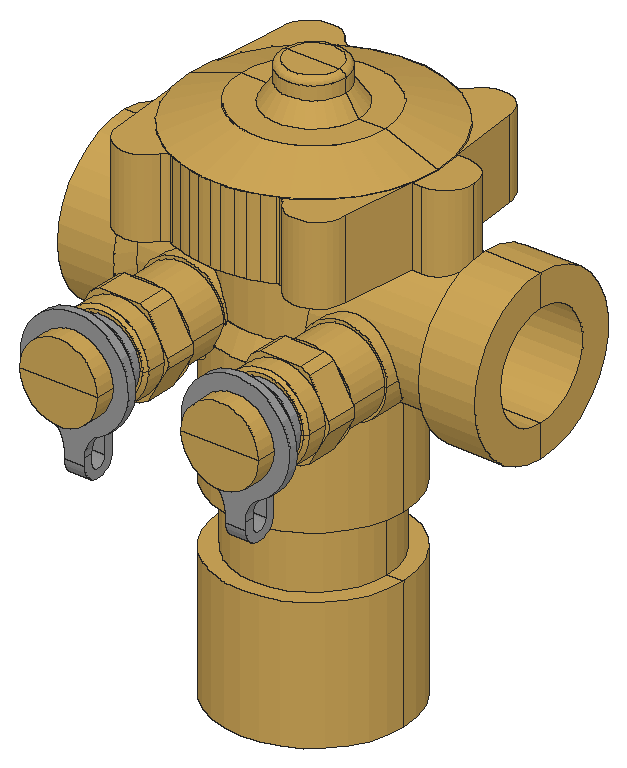
Revit family "Pressure independent control valve 4206_M_SMART_LF_MF", category Rohrzubehör, Revit 2018
Family settings
  Bemaßung runder Anschluss = Durchmesser verwenden
  Teiletyp = Unterbricht
  OmniClass-Nummer = 23.65.55.14
  OmniClass-Titel = Valves for Liquid Services
  Arbeitsebenenbasiert = Nein
  Immer vertikal = Ja
  Beim Laden mit Abzugskörper schneiden = Nein
  Gemeinsam genutzt = Nein
Parameters (values of type "LF")
  min. Operating temperature (pure water) = 2 °C  # constant formula
  min. Operating temperature (frost protection) = -20 °C  # constant formula
  max. Operating temperature up to DN32 = 130 °C  # constant formula
  max. Operating temperature from DN40 = 110 °C  # constant formula
  max. Operating pressure = 1600000.0 Pa  # constant formula
  Medium = "water purity in accordance with the ÖNORM H5195 and VDI2035 standards\r\nthe use of ethylene and propylene glycol in a mixture ratio of 25 - 50% by volume [%] is permitted."
  URL = "http://www.herzvalves.com/"
  Pin = "stainless steel 14301"  # constant formula
  SCRNSEQ = "ARM;ARM_TYP=\"DURR\";2"
  SCRNCODE = "05;04;02"  # constant formula
  S04 [instance] = R01 * 2  # 30.00 mm
  S01 [instance] = L01 + L02  # 75.00 mm
  R02 [instance] = size_lookup("4206M_LF_MF_S", "R2", 9.32 mm, Nennweite)  # 9.316 mm
  R01 [instance] = size_lookup("4206M_LF_MF_S", "R1", 15.00 mm, Nennweite)  # 15.00 mm
  PN = 25  # constant formula
  O-Rings = "EPDM"  # constant formula
  Membrane housing = "brass CW602N"  # constant formula
  Membrane = "EPDM"  # constant formula
  MF [instance] = no
  Lift = 4.00 mm  # constant formula
  LF [instance] = yes
  L14 = 43.48 mm  # constant formula
  L13 = 32.23 mm  # constant formula
  L06 = 3.44 mm  # constant formula
  Capillary pipe = "copper Cu-DHP (CW024A)"  # constant formula
  Hersteller = "Herz-Armaturen GmbH"  # constant formula
  H10 = 22.33 mm  # constant formula
  Housing = "DZR brass CC770S"  # constant formula
  Spring = "spring steel"  # constant formula
  Bestellnummer [instance] = if(and(LF, Nennweite = 15.00 mm), 1420620, if(and(MF, Nennweite = 15.00 mm), 1420629, 0))  # 1420620
  Protective cap = "plastic"  # constant formula
  B15 = 23.00 mm  # constant formula
  B14 = 8.73 mm  # constant formula
  B13 = 40.79 mm  # constant formula
  B12 = 36.73 mm  # constant formula
  B11 = 34.69 mm  # constant formula
  B10 = 31.75 mm  # constant formula
  B09 [instance] = size_lookup("4206M_LF_MF_S", "B9", 3.30 mm, Nennweite)  # 3.30 mm
  Nennweite [instance] = 15.00 mm
  L05 = 3.44 mm  # constant formula
  L04 [instance] = size_lookup("4206M_LF_MF_S", "L4", 12.00 mm, Nennweite)  # 12.00 mm
  L03 [instance] = size_lookup("4206M_LF_MF_S", "L3", 10.00 mm, Nennweite)  # 10.00 mm
  L02 = 34.00 mm  # constant formula
  L01 = 41.00 mm  # constant formula
  H09 = 1.08 mm  # constant formula
  H08 = 4.24 mm  # constant formula
  H07 = 28.19 mm  # constant formula
  H06 = 24.02 mm  # constant formula
  H05 = 10.06 mm  # constant formula
  H04 = 6.74 mm  # constant formula
  H03 = 3.46 mm  # constant formula
  H02 [instance] = size_lookup("4206M_LF_MF_S", "H2", 65.00 mm, Nennweite)  # 67.00 mm
  H01 = 35.00 mm  # constant formula
  B08 = 23.05 mm  # constant formula
  B07 [instance] = size_lookup("4206M_LF_MF_S", "B7", 16.50 mm, Nennweite)  # 16.50 mm
  B06 = 5.86 mm  # constant formula
  B05 = 3.70 mm  # constant formula
  B04 = 6.75 mm  # constant formula
  B03 = 7.93 mm  # constant formula
  B02 [instance] = size_lookup("4206M_LF_MF_S", "B2", 12.50 mm, Nennweite)  # 12.50 mm
  B01 = 41.62 mm  # constant formula
  Application = "the Pressure Independent Balancing Control Valve (PIBCV) is used in all heating and cooling systems with circulation pumps.\r\nthe valve automatically maintains flow to the required part of the system at the set rate by measuring and immediately adjusting to any variation in pressure.\r\nno additional measurements are necessary and the correct flow rate is achieved at all operating conditions.\r\nthe diaphragm responds to the pressure upstream and downstream of the regulating valve (via an internal impulse line).\r\nthe valve settings directly affect the volumetric flow through the valve.\r\nit is thus possible to set the maximum flow rate based on the flow chart when the valve is fitted.\r\nthis allows for the balancing of heating circuits, cooling water systems, ceiling cooling and heating panels, air heaters, etc. without any need to first assess the pressure variations in the system.\r\nthe valve‘s principal application is as a control valve for terminal units."
Types (3, lengths in mm): name | URL | MF | LF | Bestellnummer
  (no name) | "http://www.herzvalves.com/" | no | yes | 1420620
  LF | "http://www.herzvalves.com/" | no | yes | 1420620
  MF | "http://www.herzvalves.com/\r\nhttp://www.herzvalves.com/\r\nhttp://www.herzvalves.com/" | yes | no | 1420629
Reference planes
  plane 1 "Mitte (Vorne/hinten)": y = 0
  plane 2: z = 0
  plane 3 "Mitte (Links/rechts)": x = 0
Forms (mm)
  Revolve 1, solid, material "Messing, weicher Gelbton, geschweißt", detail levels fine
    sketch origin (0, 0, 0) x (1, 0, 0) y (0, 0, 1)
      loop
        line (0, -67) -> (16.292, -67) -> (16.292, -43.48) -> (13.292, -43.48) -> (13.292, -32.23) -> (16.292, -32.23) -> (16.292, -6.498) -> (14.505, -2.652) -> (14.505, 6.81) -> (22.33, 10.98) -> (22.33, 24.94) -> (12.949, 28.26) -> (8.129, 28.26) -> (5.75, 31.54) -> (5.75, 33.92)
        arc (5.75, 33.92) -> (5.434, 34.684) -> (4.67, 35) r 1.08
        line (4.67, 35) -> (0, 35) -> (0, -67)
      axis (0, 35) -> (0, -67)
    angle from 0 to 360
  Revolve 2, solid, material "Messing, weicher Gelbton, geschweißt", detail levels fine
    sketch origin (0, 0, -3.3) x (1, 0, 0) y (0, 1, 0)
      loop
        line (-20.43, -13.942) -> (-12.5, -13.942) -> (-12.5, -8.046) -> (-20.43, -8.046) -> (-20.43, -13.942)
      axis (-12.5, -8.046) -> (-12.5, -13.942)
    angle from 0 to 360
  Revolve 3, solid, material "Messing, weicher Gelbton, geschweißt", detail levels fine
    sketch origin (0, 0, 0) x (-1, 0, 0) y (0, 0, 1)
      loop
        line (34, 9.316) -> (34, 15) -> (24, 15) -> (22.317, 12) -> (-29.317, 12) -> (-31, 15) -> (-41, 15) -> (-41, 9.315) -> (-27.815, 9.315) -> (-27.815, 0) -> (20.815, 0) -> (20.815, 9.315) -> (34, 9.316)
      axis (-41, 0) -> (34, 0)
    angle from 0 to 360
  Extrusion 4, solid, material "Messing, weicher Gelbton, geschweißt", detail levels fine
    sketch origin (0, 0, 25.912) x (-1, 0, 0) y (0, -1, 0)
      loop
        arc (-20.427, -18.385) -> (-16.688, -23.223) -> (-11.063, -20.825) r 5
        arc (-11.063, -20.825) -> (-10.486, -20.308) -> (-9.758, -20.047) r 2.018
        arc (-9.758, -20.047) -> (0, -22.329) -> (9.758, -20.047) r 22
        arc (9.758, -20.047) -> (10.486, -20.308) -> (11.063, -20.825) r 2.018
        arc (11.063, -20.825) -> (16.688, -23.223) -> (20.427, -18.385) r 5
        arc (20.427, -18.385) -> (22, 0) -> (20.427, 18.385) r 108.221
        arc (20.427, 18.385) -> (16.688, 23.223) -> (11.063, 20.825) r 5
        arc (11.063, 20.825) -> (10.486, 20.308) -> (9.758, 20.047) r 2.018
        arc (9.758, 20.047) -> (0, 22.329) -> (-9.758, 20.047) r 22
        arc (-9.758, 20.047) -> (-10.486, 20.308) -> (-11.063, 20.825) r 2.018
        arc (-11.063, 20.825) -> (-16.688, 23.223) -> (-20.427, 18.385) r 5
        arc (-20.427, 18.385) -> (-21.356, 11.79) -> (-21.877, 5.15) r 108.221
        line (-21.877, 5.15) -> (-23.7, 5.15)
        arc (-23.7, 5.15) -> (-27.342, 3.642) -> (-28.85, 0) r 5.15
        arc (-28.85, 0) -> (-27.342, -3.642) -> (-23.7, -5.15) r 5.15
        line (-23.7, -5.15) -> (-21.877, -5.15)
        arc (-21.877, -5.15) -> (-21.356, -11.79) -> (-20.427, -18.385) r 108.221
    from -14.932 to -0.972
  Revolve 5, solid, material "Messing, weicher Gelbton, geschweißt", detail levels fine
    sketch origin (0, 0, -3.3) x (-1, 0, 0) y (0, -1, 0)
      loop
        line (-24.43, 13.942) -> (-24.43, 8.046) -> (-16.5, 8.046) -> (-16.5, 13.942) -> (-24.43, 13.942)
      axis (-16.5, 8.046) -> (-16.5, 13.942)
    angle from 0 to 360
Lines and regions (mm)
  model lines, detail levels coarse+medium
    curve 1: line (37.5, -15, 0) -> (37.5, 15, 0)
    curve 2: line (37.5, 15, 0) -> (-37.5, -15, 0)
    curve 3: line (-37.5, -15, 0) -> (-37.5, 15, 0)
    curve 4: line (-37.5, 15, 0) -> (37.5, -15, 0)
    curve 5: line (-37.5, 14.673, 0) -> (0, -6.74, 0)
    curve 6: line (0, -6.74, 0) -> (37.5, 14.673, 0)
    curve 7: line (0, -6.74, 0) -> (0, -24.94, 0)
    curve 8: spline (-22.33, -29.97, 0) -> (-21.569, -28.668, 0) -> (-19.338, -27.455, 0) -> (-15.79, -26.413, 0) -> (-11.165, -25.614, 0) -> (-5.779, -25.111, 0) -> (0, -24.94, 0) -> (5.779, -25.111, 0) -> (11.165, -25.614, 0) -> (15.79, -26.413, 0) -> (19.338, -27.455, 0) -> (21.569, -28.668, 0) -> (22.33, -29.97, 0) -> (21.569, -31.272, 0) -> (19.338, -32.485, 0) -> (15.79, -33.527, 0) -> (11.165, -34.326, 0) -> (5.779, -34.829, 0) -> (0, -35, 0) -> (-5.779, -34.829, 0) -> (-11.165, -34.326, 0) -> (-15.79, -33.527, 0) -> (-19.338, -32.485, 0) -> (-21.569, -31.272, 0) -> (-22.33, -29.97, 0)
    curve 9: line (-37.5, 0, 15) -> (-37.5, 0, -15)
    curve 10: line (-37.5, 0, -15) -> (37.5, 0, 15)
    curve 11: line (37.5, 0, 15) -> (37.5, 0, -15)
    curve 12: line (37.5, 0, -15) -> (-37.5, 0, 15)
    curve 13: line (37.5, 0, -15) -> (0, 0, 6.74)
    curve 14: line (0, 0, 6.74) -> (-37.5, 0, -15)
    curve 15: line (0, 0, 6.74) -> (0, 0, 24.94)
    curve 16: spline (-22.33, 0, 29.97) -> (-21.569, 0, 31.272) -> (-19.338, 0, 32.485) -> (-15.79, 0, 33.527) -> (-11.165, 0, 34.326) -> (-5.779, 0, 34.829) -> (0, 0, 35) -> (5.779, 0, 34.829) -> (11.165, 0, 34.326) -> (15.79, 0, 33.527) -> (19.338, 0, 32.485) -> (21.569, 0, 31.272) -> (22.33, 0, 29.97) -> (21.569, 0, 28.668) -> (19.338, 0, 27.455) -> (15.79, 0, 26.413) -> (11.165, 0, 25.614) -> (5.779, 0, 25.111) -> (0, 0, 24.94) -> (-5.779, 0, 25.111) -> (-11.165, 0, 25.614) -> (-15.79, 0, 26.413) -> (-19.338, 0, 27.455) -> (-21.569, 0, 28.668) -> (-22.33, 0, 29.97)
Dimensions and locks
  "H01": Revolve 1 sketch curve to plane 2
  "H02": plane 2 to Revolve 1 sketch curve
  "H03": Revolve 1 sketch curve to Revolve 1 sketch curve
  "H04": Revolve 1 sketch curve to Revolve 1 sketch curve
  "H05": Revolve 1 sketch curve to Revolve 1 sketch curve
  "H06": Revolve 1 sketch curve to Revolve 1 sketch curve
  "H07": Revolve 1 sketch curve to Revolve 1 sketch curve
  "H08": Revolve 1 sketch curve to Revolve 1 sketch curve
  "B03": Revolve 2 sketch curve to Revolve 2 sketch curve
  "L02": plane 3 "Mitte (Links/rechts)" to Revolve 3 sketch curve
  "L01": Revolve 3 sketch curve to plane 3 "Mitte (Links/rechts)"
  "B03": Revolve 5 sketch curve to Revolve 5 sketch curve
  "L03": Revolve 3 sketch curve to Revolve 3 sketch curve  (x2)
  "L04": Revolve 3 sketch curve to plane 2
  "L05": Revolve 3 sketch curve to Revolve 3 sketch curve
  "R01": Revolve 3 sketch curve to plane 2  (x2)
  "R02": Revolve 3 sketch curve to plane 2  (x2)
  "B02": Revolve 2 sketch curve to plane 3 "Mitte (Links/rechts)"
  "B07": plane 3 "Mitte (Links/rechts)" to Revolve 5 sketch curve
  "L06": Revolve 3 sketch curve to Revolve 3 sketch curve
  "S01": curve 3 to curve 1
  equal spacing: curve 3, plane 3 "Mitte (Links/rechts)", curve 1
  "S04": curve 4 to curve 3
  "S04": curve 2 to curve 4
  equal spacing: curve 3, plane 1 "Mitte (Vorne/hinten)", curve 4
  equal spacing: curve 4, plane 1 "Mitte (Vorne/hinten)", curve 2
  "H10": plane 3 "Mitte (Links/rechts)" to Revolve 1 sketch curve
  "H10": curve 8 to plane 3 "Mitte (Links/rechts)" to curve 8
  "H05": curve 8 to curve 8
  "H01": curve 8 to plane 1 "Mitte (Vorne/hinten)"
  "H04": curve 7 to plane 1 "Mitte (Vorne/hinten)"
  "S01": curve 9 to curve 11
  "S04": curve 12 to curve 14
  "S04": curve 11 to curve 13
  equal spacing: curve 9, plane 3 "Mitte (Links/rechts)", curve 11
  "H04": curve 15 to plane 2
  "H10": curve 16 to plane 3 "Mitte (Links/rechts)" to curve 16
  "H05": curve 16 to curve 16
  "H01": curve 16 to level
  "L13": plane 2 to Revolve 1 sketch curve
  "L14": plane 2 to Revolve 1 sketch curve
  "B09": plane 2 to Revolve 2
  "B09": plane 2 to Revolve 5
  "B09": plane 2 to nested 3
  "B09": plane 2 to nested 2
  "B01": nested 3 to plane 1 "Mitte (Vorne/hinten)"
  "B01": nested 2 to plane 1 "Mitte (Vorne/hinten)"
  "H09": radius of Revolve 1 sketch curve
  aligned and locked: level to plane 2
  aligned and locked: Extrusion 4 to Revolve 1
  aligned and locked: Revolve 1 to Extrusion 4
Automatic sketch dimensions
  Extrusion 4 sketch curve to Extrusion 4 sketch curve = 0.00 mm  (x5)
  plane 1 "Mitte (Vorne/hinten)" to Extrusion 4 sketch curve = 0.00 mm  (x3)
  Extrusion 4 sketch curve to plane 3 "Mitte (Links/rechts)" = 0.00 mm  (x2)
  plane 3 "Mitte (Links/rechts)" to Extrusion 4 sketch curve = 9.452 mm  (x2)
  Extrusion 4 sketch curve to Extrusion 4 sketch curve = 5.975 mm  (x4)
  Extrusion 4 sketch curve to plane 1 "Mitte (Vorne/hinten)" = 5.15 mm
  Extrusion 4 sketch curve to Extrusion 4 sketch curve = 6.45 mm
  Extrusion 4 sketch curve to Extrusion 4 sketch curve = 1.823 mm
  Extrusion 4 sketch curve to Extrusion 4 sketch curve = 57.371 mm
  Extrusion 4 sketch curve to plane 3 "Mitte (Links/rechts)" = 9.452 mm  (x2)
  Extrusion 4 sketch curve to Extrusion 4 sketch curve = 70.794 mm
  Extrusion 4 sketch curve to Extrusion 4 sketch curve = 13.235 mm  (x2)
  Extrusion 4 sketch curve to plane 1 "Mitte (Vorne/hinten)" = 18.385 mm
  Extrusion 4 sketch curve to Extrusion 4 sketch curve = 3.657 mm  (x4)
  plane 1 "Mitte (Vorne/hinten)" to Extrusion 4 sketch curve = 0.329 mm
  plane 1 "Mitte (Vorne/hinten)" to Extrusion 4 sketch curve = 18.385 mm
  Extrusion 4 sketch curve to Extrusion 4 sketch curve = 0.306 mm  (x3)
  Extrusion 4 sketch curve to Extrusion 4 sketch curve = 1.305 mm  (x3)
  Extrusion 4 sketch curve to Extrusion 4 sketch curve = 5.00 mm
  Extrusion 4 sketch curve to plane 1 "Mitte (Vorne/hinten)" = 0.329 mm
  Extrusion 4 sketch curve to Extrusion 4 sketch curve = 1.611 mm
  curve 6 to plane 3 "Mitte (Links/rechts)" = 0.00 mm
  curve 6 to curve 1 = 0.327 mm
  curve 5 to curve 3 = 0.327 mm
  Revolve 1 sketch curve to plane 3 "Mitte (Links/rechts)" = 0.00 mm  (x2)
  plane 3 "Mitte (Links/rechts)" to Revolve 1 sketch curve = 4.67 mm
  Revolve 1 sketch curve to Revolve 1 sketch curve = 2.379 mm
  Revolve 1 sketch curve to Revolve 1 sketch curve = 4.82 mm
  plane 3 "Mitte (Links/rechts)" to Revolve 1 sketch curve = 13.292 mm
  Revolve 1 sketch curve to level = 2.652 mm
  plane 3 "Mitte (Links/rechts)" to Revolve 1 sketch curve = 14.505 mm
  Revolve 1 sketch curve to Revolve 1 sketch curve = 3.00 mm  (x2)
  Revolve 1 sketch curve to Revolve 1 sketch curve = 292.892 mm
  Revolve 1 sketch curve to Revolve 1 sketch curve = 2176.299 mm
  plane 1 "Mitte (Vorne/hinten)" to Revolve 2 sketch curve = 13.942 mm
  Revolve 2 sketch curve to Revolve 2 sketch curve = 5.896 mm
  Revolve 2 sketch curve to Revolve 2 sketch curve = 0.00 mm  (x2)
  Revolve 2 sketch curve to Revolve 2 sketch curve = 27.678 mm
  Revolve 3 sketch curve to level = 0.00 mm  (x2)
  Revolve 3 sketch curve to Revolve 3 sketch curve = 1.501 mm  (x2)
  Revolve 3 sketch curve to Revolve 3 sketch curve = 1315.107 mm
  Revolve 3 sketch curve to Revolve 3 sketch curve = 1862.053 mm
  plane 1 "Mitte (Vorne/hinten)" to Revolve 5 sketch curve = 8.046 mm
  Revolve 5 sketch curve to Revolve 5 sketch curve = 5.896 mm
  Revolve 5 sketch curve to Revolve 5 sketch curve = 0.00 mm  (x2)
  Revolve 5 sketch curve to Revolve 5 sketch curve = 27.678 mm
  curve 14 to plane 3 "Mitte (Links/rechts)" = 0.00 mm
  curve 11 to level = 15.00 mm
  curve 14 to level = 15.00 mm
Nested families
  nested 1: "Herz-Logo-vorne" at (0, -16.164, -15) x (0, 1, 0) z (0, 0, 1), type "Herz-Logo-vorne", detail levels fine
  nested 2: "Messstutzen_Band_Eintritt" at (16.5, -4.942, -3.3), type "Messstutzen_Band_Eintritt"
    with Schutzkappe yes, Nennweite 0.00 mm, Gewicht 0.00 kg, Bestellnummer 0
  nested 3: "Messstutzen_Band_Austritt" at (-12.5, -4.942, -3.3), type "Messstutzen_Band_Austritt"
    with Schutzkappe yes, Nennweite 0.00 mm, Gewicht 0.00 kg, Bestellnummer 0
Connectors
  piping at (-20.815, 0, 0), diameter 15, driven by "Nennweite"
    settings: on Revolve 3, index 1, connector inside diameter 609.6 mm, connector length 0.00 mm, flow factor 0, pipe flow 0.0 L/s, pressure drop 0.0 Pa, fitting loss kfactor 0, connector angle 0.00°, fixture units 0, engagement length 0.00 mm, angle of deflection 0.00°, flow configuration 0, flow direction 2, fitting loss method 0, system type 29, joint type 0, gender type 0, connector reference index -1, connector utility 0, adjustable connector no, is connector primary yes, connector description ""
  piping at (27.815, 0, 0), diameter 15, driven by "Nennweite"
    settings: on Revolve 3, index 2, connector inside diameter 609.6 mm, connector length 0.00 mm, flow factor 0, pipe flow 0.0 L/s, pressure drop 0.0 Pa, fitting loss kfactor 0, connector angle 0.00°, fixture units 0, engagement length 0.00 mm, angle of deflection 0.00°, flow configuration 0, flow direction 1, fitting loss method 0, system type 29, joint type 0, gender type 0, connector reference index -1, connector utility 0, adjustable connector no, is connector primary no, connector description ""
Definition of nested family "Herz-Logo-vorne"
  Reference planes
    plane 1 "Mitte (Vorne/hinten)": y = 0
    plane 2: z = 0
    plane 3 "Mitte (Links/rechts)": x = 0
  Forms (mm)
    Extrusion 1, solid
      sketch origin (0.732, -0.018, 0.017) x (0, -1, 0) y (0, 0, 1)
        loop
          line (-0.018, -4.517) -> (4.482, -4.517) -> (4.482, 4.483) -> (-4.518, 4.483) -> (-4.518, -4.517) -> (-0.018, -4.517)
        loop
          line (-0.05, -3.48) -> (3.482, -3.48) -> (3.482, 3.483) -> (-3.518, 3.483) -> (-3.518, -3.48) -> (-0.05, -3.48)
        loop
          arc (-0.018, 2.383) -> (-1.543, 3.287) -> (-3.067, 2.383) r 1.738
          arc (-3.067, 2.383) -> (-3.191, 1.899) -> (-3.067, 1.415) r 1.009
          line (-3.067, 1.415) -> (-0.018, -3.281) -> (3.032, 1.415)
          arc (3.032, 1.415) -> (3.156, 1.899) -> (3.032, 2.383) r 1.009
          arc (3.032, 2.383) -> (1.507, 3.287) -> (-0.018, 2.383) r 1.738
        loop
          arc (1.885, 1.272) -> (2.005, 1.675) -> (1.885, 2.079) r 0.74
          arc (1.885, 2.079) -> (1.265, 2.416) -> (0.644, 2.079) r 0.74
          line (0.644, 2.079) -> (-0.018, 0.97) -> (-0.679, 2.079)
          arc (-0.679, 2.079) -> (-1.3, 2.416) -> (-1.921, 2.079) r 0.74
          arc (-1.921, 2.079) -> (-2.04, 1.675) -> (-1.921, 1.272) r 0.74
          line (-1.921, 1.272) -> (-0.018, -1.658) -> (1.885, 1.272)
      from 0 to 1.5
  Dimensions and locks
    aligned and locked: level to plane 2
Definition of nested family "Messstutzen_Band_Eintritt"
  Parameters (values of type "Messstutzen_Band_Eintritt")
    URL = "www.herz-armaturen.at"
    Schutzkappe [instance] = yes
    Nennweite [instance] = 0.00 mm
    Manufacturer = "Herz Armaturen GmbH"  # constant formula
    Gewicht [instance] = 0.00 kg
    Bestellnummer [instance] = 0
  Reference planes
    plane 1 "Mitte (Vorne/hinten)": y = 0
    plane 2: z = 0
    plane 3 "Mitte (Links/rechts)": x = 0
    plane 4 "Schlaufe 1": y = -27
    plane 5 "Schlaufe 2": y = -31.678
  Forms (mm)
    Revolve 1, solid, detail levels fine
      sketch origin (0, 0, 0) x (1, 0, 0) y (0, 1, 0)
        loop
          line (-7.4, -9) -> (-7.4, -16.5)
          arc (-7.4, -16.5) -> (-7.693, -17.207) -> (-8.4, -17.5) r 1
          line (-8.4, -17.5) -> (-2, -17.5) -> (-2, 0) -> (-5.555, 0) -> (-6.455, -0.9) -> (-6.455, -4.681) -> (-5.843, -5.293)
          arc (-5.843, -5.293) -> (-5.626, -5.617) -> (-5.55, -6) r 1
          line (-5.55, -6) -> (-5.55, -9) -> (-7.4, -9)
        loop
          line (-3.7, -27) -> (-3.7, -30.45) -> (-4.415, -30.863) -> (-4.415, -35.19) -> (-3.805, -35.8) -> (-2, -35.8) -> (-2, -23) -> (-7.9, -23) -> (-7.9, -26.4) -> (-7.3, -27) -> (-3.7, -27)
        axis (0, 0) -> (0, -35.8)
      angle from 0 to 360
    Extrusion 2, solid, detail levels fine
      sketch origin (0, -17.5, 0) x (-1, 0, 0) y (0, 0, -1)
        loop
          line (5.156, -7.07) -> (8.7, -0.93)
          arc (8.7, -0.93) -> (8.75, 0) -> (8.7, 0.93) r 8.75
          line (8.7, 0.93) -> (5.156, 7.07)
          arc (5.156, 7.07) -> (4.375, 7.578) -> (3.544, 8) r 8.75
          line (3.544, 8) -> (-3.544, 8)
          arc (-3.544, 8) -> (-4.375, 7.578) -> (-5.156, 7.07) r 8.75
          line (-5.156, 7.07) -> (-8.7, 0.93)
          arc (-8.7, 0.93) -> (-8.75, 0) -> (-8.7, -0.93) r 8.75
          line (-8.7, -0.93) -> (-5.156, -7.07)
          arc (-5.156, -7.07) -> (-4.375, -7.578) -> (-3.544, -8) r 8.75
          line (-3.544, -8) -> (3.544, -8)
          arc (3.544, -8) -> (4.375, -7.578) -> (5.156, -7.07) r 8.75
      from 0 to 5.5
    Revolve 3, solid, visible <- "Schutzkappe", detail levels fine
      sketch origin (0, 0, 0) x (1, 0, 0) y (0, 1, 0)
        loop
          line (0, -35.878) -> (-3.805, -35.878) -> (-4.415, -35.268) -> (-4.415, -30.178) -> (-6.9, -30.178) -> (-6.9, -31.678) -> (-6.1, -31.678) -> (-6.1, -33.378) -> (-7, -33.378) -> (-7, -36.678) -> (0, -36.678) -> (0, -35.878)
        axis (0, -30.178) -> (0, -36.678)
      angle from 0 to 360
    Extrusion 4, solid, detail levels fine
      sketch origin (0, -27, 0) x (0, 0, -1) y (-1, 0, 0)
        loop
          circle (0, 0) r 3.7
        loop
          arc (5.505, 3.906) -> (-6.75, 0) -> (5.505, -3.906) r 6.75
          arc (5.505, -3.906) -> (7.288, -2.358) -> (9.582, -1.8) r 5
          line (9.582, -1.8) -> (9.582, 1.8)
          arc (9.582, 1.8) -> (7.288, 2.358) -> (5.505, 3.906) r 5
      from 0 to -1.5
    Extrusion 5, solid, detail levels fine
      sketch origin (0, -31.678, 0) x (0, 0, -1) y (-1, 0, 0)
        loop
          circle (0, 0) r 6.1
        loop
          arc (8.652, 4.495) -> (-9.75, 0) -> (8.652, -4.495) r 9.75
          arc (8.652, -4.495) -> (10.493, -2.527) -> (13.089, -1.8) r 5
          line (13.089, -1.8) -> (13.089, 1.8)
          arc (13.089, 1.8) -> (10.493, 2.527) -> (8.652, 4.495) r 5
      from 0 to -1.5
    Sweep 6, solid, detail levels fine
      path origin (0, 0, 0) x (0, 1, 0) y (0, 0, 1)
        loop
          line (-27.75, -9.582) -> (-27.75, -14.522)
          arc (-27.75, -14.522) -> (-30.089, -16.862) -> (-32.428, -14.522) r 2.339
          line (-32.428, -14.522) -> (-32.428, -13.089)
      profile origin (0, -27.75, -12.052) x (1, 0, 0) y (0, 1, 0)
        loop
          line (-1.8, 0.75) -> (-1.8, -0.75) -> (1.8, -0.75) -> (1.8, 0.75) -> (-1.8, 0.75)
  Cuts and joins
    joined: Extrusion 4, Extrusion 5, Sweep 6
  Dimensions and locks
    aligned and locked: level to plane 2
Definition of nested family "Messstutzen_Band_Austritt"
  Parameters (values of type "Messstutzen_Band_Austritt")
    URL = "www.herz-armaturen.at"
    Schutzkappe [instance] = yes
    Nennweite [instance] = 0.00 mm
    Manufacturer = "Herz Armaturen GmbH"  # constant formula
    Gewicht [instance] = 0.00 kg
    Bestellnummer [instance] = 0
  Reference planes
    plane 1 "Mitte (Vorne/hinten)": y = 0
    plane 2: z = 0
    plane 3 "Mitte (Links/rechts)": x = 0
    plane 4 "Schlaufe 1": y = -27
    plane 5 "Schlaufe 2": y = -31.678
  Forms (mm)
    Revolve 1, solid, detail levels fine
      sketch origin (0, 0, 0) x (1, 0, 0) y (0, 1, 0)
        loop
          line (-7.4, -9) -> (-7.4, -16.5)
          arc (-7.4, -16.5) -> (-7.693, -17.207) -> (-8.4, -17.5) r 1
          line (-8.4, -17.5) -> (-2, -17.5) -> (-2, 0) -> (-5.555, 0) -> (-6.455, -0.9) -> (-6.455, -4.681) -> (-5.843, -5.293)
          arc (-5.843, -5.293) -> (-5.626, -5.617) -> (-5.55, -6) r 1
          line (-5.55, -6) -> (-5.55, -9) -> (-7.4, -9)
        loop
          line (-3.7, -27) -> (-3.7, -30.45) -> (-4.415, -30.863) -> (-4.415, -35.19) -> (-3.805, -35.8) -> (-2, -35.8) -> (-2, -23) -> (-7.9, -23) -> (-7.9, -26.4) -> (-7.3, -27) -> (-3.7, -27)
        axis (0, 0) -> (0, -35.8)
      angle from 0 to 360
    Extrusion 2, solid, detail levels fine
      sketch origin (0, -17.5, 0) x (-1, 0, 0) y (0, 0, -1)
        loop
          line (5.156, -7.07) -> (8.7, -0.93)
          arc (8.7, -0.93) -> (8.75, 0) -> (8.7, 0.93) r 8.75
          line (8.7, 0.93) -> (5.156, 7.07)
          arc (5.156, 7.07) -> (4.375, 7.578) -> (3.544, 8) r 8.75
          line (3.544, 8) -> (-3.544, 8)
          arc (-3.544, 8) -> (-4.375, 7.578) -> (-5.156, 7.07) r 8.75
          line (-5.156, 7.07) -> (-8.7, 0.93)
          arc (-8.7, 0.93) -> (-8.75, 0) -> (-8.7, -0.93) r 8.75
          line (-8.7, -0.93) -> (-5.156, -7.07)
          arc (-5.156, -7.07) -> (-4.375, -7.578) -> (-3.544, -8) r 8.75
          line (-3.544, -8) -> (3.544, -8)
          arc (3.544, -8) -> (4.375, -7.578) -> (5.156, -7.07) r 8.75
      from 0 to 5.5
    Revolve 3, solid, visible <- "Schutzkappe", detail levels fine
      sketch origin (0, 0, 0) x (1, 0, 0) y (0, 1, 0)
        loop
          line (0, -35.878) -> (-3.805, -35.878) -> (-4.415, -35.268) -> (-4.415, -30.178) -> (-6.9, -30.178) -> (-6.9, -31.678) -> (-6.1, -31.678) -> (-6.1, -33.378) -> (-7, -33.378) -> (-7, -36.678) -> (0, -36.678) -> (0, -35.878)
        axis (0, -30.178) -> (0, -36.678)
      angle from 0 to 360
    Extrusion 4, solid, detail levels fine
      sketch origin (0, -27, 0) x (0, 0, -1) y (-1, 0, 0)
        loop
          circle (0, 0) r 3.7
        loop
          arc (5.505, 3.906) -> (-6.75, 0) -> (5.505, -3.906) r 6.75
          arc (5.505, -3.906) -> (7.288, -2.358) -> (9.582, -1.8) r 5
          line (9.582, -1.8) -> (9.582, 1.8)
          arc (9.582, 1.8) -> (7.288, 2.358) -> (5.505, 3.906) r 5
      from 0 to -1.5
    Extrusion 5, solid, detail levels fine
      sketch origin (0, -31.678, 0) x (0, 0, -1) y (-1, 0, 0)
        loop
          circle (0, 0) r 6.1
        loop
          arc (8.652, 4.495) -> (-9.75, 0) -> (8.652, -4.495) r 9.75
          arc (8.652, -4.495) -> (10.493, -2.527) -> (13.089, -1.8) r 5
          line (13.089, -1.8) -> (13.089, 1.8)
          arc (13.089, 1.8) -> (10.493, 2.527) -> (8.652, 4.495) r 5
      from 0 to -1.5
    Sweep 6, solid, detail levels fine
      path origin (0, 0, 0) x (0, 1, 0) y (0, 0, 1)
        loop
          line (-27.75, -9.582) -> (-27.75, -14.522)
          arc (-27.75, -14.522) -> (-30.089, -16.862) -> (-32.428, -14.522) r 2.339
          line (-32.428, -14.522) -> (-32.428, -13.089)
      profile origin (0, -27.75, -12.052) x (1, 0, 0) y (0, 1, 0)
        loop
          line (-1.8, 0.75) -> (-1.8, -0.75) -> (1.8, -0.75) -> (1.8, 0.75) -> (-1.8, 0.75)
  Cuts and joins
    joined: Extrusion 4, Extrusion 5, Sweep 6
  Dimensions and locks
    aligned and locked: level to plane 2
